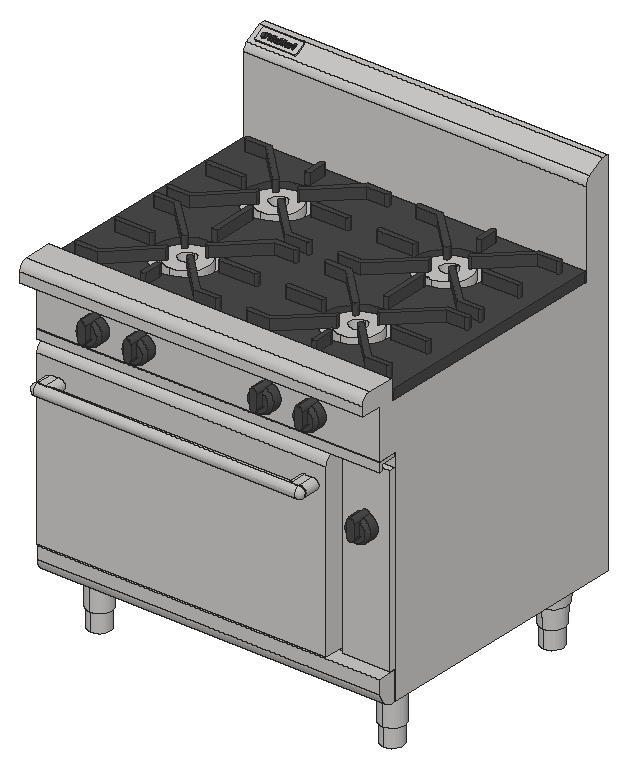
Revit family "QF_MOFFAT WALDORF_RN8910GC", category Specialty Equipment, Revit 2012
Parameters
  Width = 35.43307"
  Weight in Pounds = 215
  Watts = 130 W
  Volts = 240 V
  URL Cutsheet = "www.moffat.com"
  URL = "www.moffat.com"
  Type Mark [instance] = ""
  Status [instance] = ""
  Specification by User [instance] = ""
  Specification by Manufacturer = ""
  Show Logo [instance] = yes
  Show Clearance [instance] = yes
  Serial Number = ""
  Seismic Rating = ""
  SMACNA No = ""
  Revision Code [instance] = ""
  Plumbing Remarks = ""
  Plumbing Connection Type [instance] = ""
  Phase = 1
  Omniclass Number and Title = ""
  Number of Poles [instance] = 1
  NAFEM Spec ID Number = ""
  Model = "RN8910GC"
  Min Ckt Ampacity = 0 A
  Mechanical Remarks = ""
  Mechanical Connection Type [instance] = ""
  Max Overcurrent Protection = 0 A
  Masterspec = ""
  Manufacturer = "MOFFAT WALDORF"
  Item Number [instance] = ""
  Installed By [instance] = ""
  Identify Quantity as Lot [instance] = yes
  Height = 44.48819"
  HP = ""
  Gas Size = 3/4"
  Gas RI Height [instance] = 0"
  Gas KW [instance] = 40
  Gas Input [instance] = 134590.0 Btu/h
  Gas Connection Height = 0"
  Furnished By [instance] = ""
  Foodservice Equipment Identifier [instance] = yes
  FL Amps = 0.06 A
  Electrical Remarks [instance] = ""
  Electric Connection Type [instance] = ""
  Elec Conn RI Height [instance] = 0"
  Elec Conn Connection Height [instance] = 0"
  Description = "RANGE GAS WITH CONVECTION OVEN"
  Depth = 31.69291"
  Cycle = 50 Hz
  Conn Plug = ""
  Conn Conduit = yes
  Cold Water Temperature Recommended = -459.67 °F
  Cold Water Size = 1/2"
  Cold Water RI Height [instance] = 0"
  Cold Water Minimum Pressure = 0.00 psi
  Cold Water Maximum Pressure = 0.00 psi
  Cold Water Flow = 0 GPM
  Cold Water Consumption = ""
  Cold Water Connection Height = 0"
  CSI MasterFormat = ""
  CSI Master Format = ""
  Body Finish = QF_Finishes_Stainless Steel
  Apparent Power = 0 VA
Reference planes (in)
  plane 1 "BACK": y = 0
  plane 2: z = 0
  plane 3 "LEFT": x = 0
  plane 4 "RIGHT": x = 35.43307
  plane 5 "FRONT": y = -31.69291
  plane 6 "TOP": z = 44.48819
  plane 7 "Center Y": x = 17.71654
  plane 8 "Center X": y = -15.84646
  plane 9: x = 11.02362
  plane 10: y = -22.60914
  plane 11: x = 2.3622
  plane 12: y = -12.00678
  plane 13: y = -14.36899
  plane 14: x = 2.91339
  plane 15: y = -31.69291
  plane 16: x = 32.85433
  plane 17: y = -1.25984
  plane 18: z = 25.7874
  plane 19: x = 2.59055
Forms (in)
  Extrusion 1, solid, material "QF_Finishes_Stainless Steel" <- "Body Finish"
    sketch origin (0, 0, 0) x (0, 1, 0) y (0, 0, 1)
      loop
        line (0, 5.90551) -> (0, 44.48819) -> (-0.64961, 44.48819) -> (-2.31138, 43.52877)
        arc (-2.31138, 43.52877) -> (-2.63679, 43.20335) -> (-2.75591, 42.75882) r 0.88906
        line (-2.75591, 42.75882) -> (-2.75591, 33.92913) -> (-27.91339, 33.92913) -> (-27.91339, 36.02362) -> (-30.74803, 36.02362)
        arc (-30.74803, 36.02362) -> (-31.41616, 35.74687) -> (-31.69291, 35.07874) r 0.94488
        line (-31.69291, 35.07874) -> (-31.69291, 34.09449) -> (-29.48819, 34.09449) -> (-29.48819, 28.98499) -> (-27.43033, 28.98499) -> (-27.43033, 5.90551) -> (0, 5.90551)
      loop
        line (-27.59568, 5.90832) -> (-27.59568, 8.75984) -> (-29.39883, 8.75984) -> (-29.39883, 7.40157)
        arc (-29.39883, 7.40157) -> (-28.79202, 6.29901) -> (-27.59568, 5.90832) r 1.71361
      loop
        line (-29.48819, 27.95276) -> (-29.14268, 27.95276) -> (-29.23674, 28.62202) -> (-27.59568, 28.62202) -> (-27.59568, 28.89776) -> (-29.48819, 28.89776) -> (-29.48819, 27.95276)
    from 0 to 35.43307
  Extrusion 2, solid, material "QF_Finishes_Stainless Steel"
    sketch origin (0, 0, 0) x (0, 1, 0) y (0, 0, 1)
      loop
        line (-27.51969, 27.55906) -> (-28.54331, 27.55906)
        arc (-28.54331, 27.55906) -> (-29.21144, 27.28231) -> (-29.48819, 26.61417) r 0.94488
        line (-29.48819, 26.61417) -> (-29.48819, 8.95669) -> (-27.51969, 8.95669) -> (-27.51969, 27.55906)
    from 0 to 29.92126
  Extrusion 3, solid, material "QF_Finishes_Stainless Steel"
    sketch origin (28.48425, 0, 0) x (0, 1, 0) y (0, 0, 1)
      loop
        line (-27.51969, 27.55906) -> (-28.11024, 27.55906) -> (-28.11024, 8.95669) -> (-27.51969, 8.95669) -> (-27.51969, 27.55906)
    from 2.02756 to 6.94882
  Revolve 4, solid, material "QF_Finishes_Stainless Steel" <- "Body Finish"
    sketch origin (32.85433, -6.49606, 0) x (0, 1, 0) y (0, 0, -1)
      loop
        line (1.30906, -1.9685) -> (1.23692, -4.03417) -> (1.03959, -4.03417) -> (0.87587, -5.90551) -> (2.55906, -5.90551) -> (2.55906, 0) -> (1.47638, 0) -> (1.47638, -1.9685) -> (1.30906, -1.9685)
      axis (2.55906, -5.90551) -> (2.55906, 0)
    angle from 0 to 360
  Revolve 5, solid, material "QF_Finishes_Stainless Steel" <- "Body Finish"
    sketch origin (32.85433, -27.40652, 0) x (0, 1, 0) y (0, 0, -1)
      loop
        line (1.55022, -5.90551) -> (2.80022, -5.90551) -> (2.80022, 0) -> (1.71754, 0) -> (1.71754, -1.9685) -> (1.55022, -1.9685) -> (1.55022, -5.90551)
      axis (2.80022, -5.90551) -> (2.80022, 0)
    angle from 0 to 360
  Revolve 6, solid, material "QF_Finishes_Stainless Steel" <- "Body Finish"
    sketch origin (2.57874, -6.49606, 0) x (0, 1, 0) y (0, 0, 1)
      loop
        line (1.23692, 4.03417) -> (1.30906, 1.9685) -> (1.47638, 1.9685) -> (1.47638, 0) -> (2.55906, 0) -> (2.55906, 5.90551) -> (0.87587, 5.90551) -> (1.03959, 4.03417) -> (1.23692, 4.03417)
      axis (2.55906, 5.90551) -> (2.55906, 0)
    angle from 0 to 360
  Revolve 7, solid, material "QF_Finishes_Stainless Steel" <- "Body Finish"
    sketch origin (2.57874, -27.40652, 0) x (0, 1, 0) y (0, 0, 1)
      loop
        line (1.55022, 5.90551) -> (1.55022, 1.9685) -> (1.71754, 1.9685) -> (1.71754, 0) -> (2.80022, 0) -> (2.80022, 5.90551) -> (1.55022, 5.90551)
      axis (2.80022, 5.90551) -> (2.80022, 0)
    angle from 0 to 360
  Extrusion 8, solid, material "QF_Finishes_Stainless Steel"
    sketch origin (-2.53937, 0, 12.79528) x (1, 0, 0) y (0, 1, 0)
      loop
        circle (32.85433, -1.25984) r 0.3937
    from 12.99213 to 14.76378
  Extrusion 9, solid, material "QF_Finishes_Black"
    sketch origin (0, -2.75591, 33.92913) x (0, -1, 0) y (1, 0, 0)
      loop
        arc (0.03937, 0.15748) -> (0.07396, 0.07396) -> (0.15748, 0.03937) r 0.11811
        line (0.15748, 0.03937) -> (24.84252, 0.03937)
        arc (24.84252, 0.03937) -> (24.92604, 0.07396) -> (24.96063, 0.15748) r 0.11811
        line (24.96063, 0.15748) -> (24.96063, 35.31496)
        arc (24.96063, 35.31496) -> (24.92604, 35.39848) -> (24.84252, 35.43307) r 0.11811
        line (24.84252, 35.43307) -> (0.15748, 35.43307)
        arc (0.15748, 35.43307) -> (0.07396, 35.39848) -> (0.03937, 35.31496) r 0.11811
        line (0.03937, 35.31496) -> (0.03937, 0.15748)
      loop
        circle (6.59449, 8.87349) r 3.34646
      loop
        circle (18.41606, 8.87349) r 3.34646
      loop
        circle (6.59449, 26.55958) r 3.34646
      loop
        circle (18.41606, 26.55958) r 3.34646
    from 0 to 0.98425
  Extrusion 10, solid, material "QF_Finishes_Black"
    sketch origin (0, -2.75591, 34.91339) x (0, -1, 0) y (1, 0, 0)
      loop
        spline (14.78748, 8.6063) -> (14.83843, 8.61488) -> (14.88591, 8.64006) -> (14.92668, 8.6801) -> (14.95796, 8.73228) -> (14.97763, 8.79305) -> (14.98433, 8.85827) -> (14.97763, 8.92348) -> (14.95796, 8.98425) -> (14.92668, 9.03644) -> (14.88591, 9.07648) -> (14.83843, 9.10165) -> (14.78748, 9.11024)
        line (14.78748, 9.11024) -> (10.21252, 9.11024)
        spline (10.21252, 9.11024) -> (10.16157, 9.10165) -> (10.11409, 9.07648) -> (10.07332, 9.03644) -> (10.04204, 8.98425) -> (10.02237, 8.92348) -> (10.01567, 8.85827) -> (10.02237, 8.79305) -> (10.04204, 8.73228) -> (10.07332, 8.6801) -> (10.11409, 8.64006) -> (10.16157, 8.61488) -> (10.21252, 8.6063)
        line (10.21252, 8.6063) -> (14.78748, 8.6063)
      loop
        line (11.90546, 13.8129) -> (11.90546, 16.06759)
        arc (11.90546, 16.06759) -> (11.65349, 16.31956) -> (11.40152, 16.06759) r 0.25197
        line (11.40152, 16.06759) -> (11.40152, 14.02164) -> (7.65448, 10.27459)
        spline (7.65448, 10.27459) -> (7.62452, 10.2325) -> (7.60875, 10.18113) -> (7.60824, 10.12399) -> (7.62302, 10.06496) -> (7.65208, 10.00809) -> (7.69345, 9.95723) -> (7.74431, 9.91586) -> (7.80119, 9.8868) -> (7.86021, 9.87202) -> (7.91735, 9.87253) -> (7.96872, 9.8883) -> (8.01082, 9.91826)
        line (8.01082, 9.91826) -> (11.90546, 13.8129)
      loop
        spline (6.34252, 12.4763) -> (6.35111, 12.42535) -> (6.37628, 12.37787) -> (6.41632, 12.3371) -> (6.4685, 12.30582) -> (6.52927, 12.28615) -> (6.59449, 12.27945) -> (6.6597, 12.28615) -> (6.72047, 12.30582) -> (6.77266, 12.3371) -> (6.8127, 12.37787) -> (6.83787, 12.42535) -> (6.84646, 12.4763)
        line (6.84646, 12.4763) -> (6.84646, 16.06701)
        spline (6.84646, 16.06701) -> (6.83787, 16.11796) -> (6.8127, 16.16544) -> (6.77266, 16.2062) -> (6.72047, 16.23749) -> (6.6597, 16.25715) -> (6.59449, 16.26386) -> (6.52927, 16.25715) -> (6.4685, 16.23749) -> (6.41632, 16.2062) -> (6.37628, 16.16544) -> (6.35111, 16.11796) -> (6.34252, 16.06701)
        line (6.34252, 16.06701) -> (6.34252, 12.4763)
      loop
        line (6.34252, 5.24024) -> (6.34252, 1.64952)
        spline (6.34252, 1.64952) -> (6.35111, 1.59858) -> (6.37628, 1.5511) -> (6.41632, 1.51033) -> (6.4685, 1.47905) -> (6.52927, 1.45938) -> (6.59449, 1.45267) -> (6.6597, 1.45938) -> (6.72047, 1.47905) -> (6.77266, 1.51033) -> (6.8127, 1.5511) -> (6.83787, 1.59858) -> (6.84646, 1.64952)
        line (6.84646, 1.64952) -> (6.84646, 5.24024)
        spline (6.84646, 5.24024) -> (6.83787, 5.29119) -> (6.8127, 5.33866) -> (6.77266, 5.37943) -> (6.72047, 5.41072) -> (6.6597, 5.43038) -> (6.59449, 5.43709) -> (6.52927, 5.43038) -> (6.4685, 5.41072) -> (6.41632, 5.37943) -> (6.37628, 5.33866) -> (6.35111, 5.29119) -> (6.34252, 5.24024)
      loop
        line (11.90546, 3.90364) -> (8.01082, 7.79828)
        spline (8.01082, 7.79828) -> (7.96872, 7.82823) -> (7.91735, 7.844) -> (7.86021, 7.84452) -> (7.80119, 7.82974) -> (7.74431, 7.80067) -> (7.69345, 7.7593) -> (7.65208, 7.70845) -> (7.62302, 7.65157) -> (7.60824, 7.59255) -> (7.60875, 7.53541) -> (7.62452, 7.48404) -> (7.65448, 7.44194)
        line (7.65448, 7.44194) -> (11.40152, 3.6949) -> (11.40152, 1.64895)
        arc (11.40152, 1.64895) -> (11.65349, 1.39698) -> (11.90546, 1.64895) r 0.25197
        line (11.90546, 1.64895) -> (11.90546, 3.90364)
      loop
        line (1.28352, 13.8129) -> (5.17816, 9.91826)
        spline (5.17816, 9.91826) -> (5.22026, 9.8883) -> (5.27163, 9.87253) -> (5.32877, 9.87202) -> (5.38779, 9.8868) -> (5.44467, 9.91586) -> (5.49552, 9.95723) -> (5.53689, 10.00809) -> (5.56596, 10.06496) -> (5.58074, 10.12399) -> (5.58023, 10.18113) -> (5.56445, 10.2325) -> (5.5345, 10.27459)
        line (5.5345, 10.27459) -> (1.78746, 14.02164) -> (1.78746, 16.06759)
        arc (1.78746, 16.06759) -> (1.53549, 16.31956) -> (1.28352, 16.06759) r 0.25197
        line (1.28352, 16.06759) -> (1.28352, 13.8129)
      loop
        line (1.28352, 3.90364) -> (1.28352, 1.64895)
        arc (1.28352, 1.64895) -> (1.53549, 1.39698) -> (1.78746, 1.64895) r 0.25197
        line (1.78746, 1.64895) -> (1.78746, 3.6949) -> (5.5345, 7.44194)
        spline (5.5345, 7.44194) -> (5.56445, 7.48404) -> (5.58023, 7.53541) -> (5.58074, 7.59255) -> (5.56596, 7.65157) -> (5.53689, 7.70845) -> (5.49552, 7.7593) -> (5.44467, 7.80067) -> (5.38779, 7.82974) -> (5.32877, 7.84452) -> (5.27163, 7.844) -> (5.22026, 7.82823) -> (5.17816, 7.79828)
        line (5.17816, 7.79828) -> (1.28352, 3.90364)
      loop
        spline (2.77961, 8.6063) -> (2.83056, 8.61488) -> (2.87803, 8.64006) -> (2.9188, 8.6801) -> (2.95009, 8.73228) -> (2.96975, 8.79305) -> (2.97646, 8.85827) -> (2.96975, 8.92348) -> (2.95009, 8.98425) -> (2.9188, 9.03644) -> (2.87803, 9.07648) -> (2.83056, 9.10165) -> (2.77961, 9.11024)
        line (2.77961, 9.11024) -> (0.96055, 9.11024)
        spline (0.96055, 9.11024) -> (0.9096, 9.10165) -> (0.86212, 9.07648) -> (0.82135, 9.03644) -> (0.79007, 8.98425) -> (0.77041, 8.92348) -> (0.7637, 8.85827) -> (0.77041, 8.79305) -> (0.79007, 8.73228) -> (0.82135, 8.6801) -> (0.86212, 8.64006) -> (0.9096, 8.61488) -> (0.96055, 8.6063)
        line (0.96055, 8.6063) -> (2.77961, 8.6063)
      loop
        line (13.09454, 13.8129) -> (16.98918, 9.91826)
        spline (16.98918, 9.91826) -> (17.03128, 9.8883) -> (17.08265, 9.87253) -> (17.13979, 9.87202) -> (17.19881, 9.8868) -> (17.25569, 9.91586) -> (17.30655, 9.95723) -> (17.34792, 10.00809) -> (17.37698, 10.06496) -> (17.39176, 10.12399) -> (17.39125, 10.18113) -> (17.37548, 10.2325) -> (17.34552, 10.27459)
        line (17.34552, 10.27459) -> (13.59848, 14.02164) -> (13.59848, 16.06759)
        arc (13.59848, 16.06759) -> (13.34651, 16.31956) -> (13.09454, 16.06759) r 0.25197
        line (13.09454, 16.06759) -> (13.09454, 13.8129)
      loop
        line (18.65748, 12.4763) -> (18.65748, 16.06701)
        spline (18.65748, 16.06701) -> (18.64889, 16.11796) -> (18.62372, 16.16544) -> (18.58368, 16.2062) -> (18.5315, 16.23749) -> (18.47073, 16.25715) -> (18.40551, 16.26386) -> (18.3403, 16.25715) -> (18.27953, 16.23749) -> (18.22734, 16.2062) -> (18.1873, 16.16544) -> (18.16213, 16.11796) -> (18.15354, 16.06701)
        line (18.15354, 16.06701) -> (18.15354, 12.4763)
        spline (18.15354, 12.4763) -> (18.16213, 12.42535) -> (18.1873, 12.37787) -> (18.22734, 12.3371) -> (18.27953, 12.30582) -> (18.3403, 12.28615) -> (18.40551, 12.27945) -> (18.47073, 12.28615) -> (18.5315, 12.30582) -> (18.58368, 12.3371) -> (18.62372, 12.37787) -> (18.64889, 12.42535) -> (18.65748, 12.4763)
      loop
        spline (18.65748, 5.24024) -> (18.64889, 5.29119) -> (18.62372, 5.33866) -> (18.58368, 5.37943) -> (18.5315, 5.41072) -> (18.47073, 5.43038) -> (18.40551, 5.43709) -> (18.3403, 5.43038) -> (18.27953, 5.41072) -> (18.22734, 5.37943) -> (18.1873, 5.33866) -> (18.16213, 5.29119) -> (18.15354, 5.24024)
        line (18.15354, 5.24024) -> (18.15354, 1.64952)
        spline (18.15354, 1.64952) -> (18.16213, 1.59858) -> (18.1873, 1.5511) -> (18.22734, 1.51033) -> (18.27953, 1.47905) -> (18.3403, 1.45938) -> (18.40551, 1.45267) -> (18.47073, 1.45938) -> (18.5315, 1.47905) -> (18.58368, 1.51033) -> (18.62372, 1.5511) -> (18.64889, 1.59858) -> (18.65748, 1.64952)
        line (18.65748, 1.64952) -> (18.65748, 5.24024)
      loop
        line (13.09454, 3.90364) -> (13.09454, 1.64895)
        arc (13.09454, 1.64895) -> (13.34651, 1.39698) -> (13.59848, 1.64895) r 0.25197
        line (13.59848, 1.64895) -> (13.59848, 3.6949) -> (17.34552, 7.44194)
        spline (17.34552, 7.44194) -> (17.37548, 7.48404) -> (17.39125, 7.53541) -> (17.39176, 7.59255) -> (17.37698, 7.65157) -> (17.34792, 7.70845) -> (17.30655, 7.7593) -> (17.25569, 7.80067) -> (17.19881, 7.82974) -> (17.13979, 7.84452) -> (17.08265, 7.844) -> (17.03128, 7.82823) -> (16.98918, 7.79828)
        line (16.98918, 7.79828) -> (13.09454, 3.90364)
      loop
        line (23.71648, 13.8129) -> (23.71648, 16.06759)
        arc (23.71648, 16.06759) -> (23.46451, 16.31956) -> (23.21254, 16.06759) r 0.25197
        line (23.21254, 16.06759) -> (23.21254, 14.02164) -> (19.4655, 10.27459)
        spline (19.4655, 10.27459) -> (19.43555, 10.2325) -> (19.41977, 10.18113) -> (19.41926, 10.12399) -> (19.43404, 10.06496) -> (19.46311, 10.00809) -> (19.50448, 9.95723) -> (19.55533, 9.91586) -> (19.61221, 9.8868) -> (19.67123, 9.87202) -> (19.72837, 9.87253) -> (19.77974, 9.8883) -> (19.82184, 9.91826)
        line (19.82184, 9.91826) -> (23.71648, 13.8129)
      loop
        line (23.71648, 3.90364) -> (19.82184, 7.79828)
        spline (19.82184, 7.79828) -> (19.77974, 7.82823) -> (19.72837, 7.844) -> (19.67123, 7.84452) -> (19.61221, 7.82974) -> (19.55533, 7.80067) -> (19.50448, 7.7593) -> (19.46311, 7.70845) -> (19.43404, 7.65157) -> (19.41926, 7.59255) -> (19.41977, 7.53541) -> (19.43555, 7.48404) -> (19.4655, 7.44194)
        line (19.4655, 7.44194) -> (23.21254, 3.6949) -> (23.21254, 1.64895)
        arc (23.21254, 1.64895) -> (23.46451, 1.39698) -> (23.71648, 1.64895) r 0.25197
        line (23.71648, 1.64895) -> (23.71648, 3.90364)
      loop
        line (22.22039, 8.6063) -> (24.03945, 8.6063)
        spline (24.03945, 8.6063) -> (24.0904, 8.61488) -> (24.13788, 8.64006) -> (24.17865, 8.6801) -> (24.20993, 8.73228) -> (24.22959, 8.79305) -> (24.2363, 8.85827) -> (24.22959, 8.92348) -> (24.20993, 8.98425) -> (24.17865, 9.03644) -> (24.13788, 9.07648) -> (24.0904, 9.10165) -> (24.03945, 9.11024)
        line (24.03945, 9.11024) -> (22.22039, 9.11024)
        spline (22.22039, 9.11024) -> (22.16944, 9.10165) -> (22.12197, 9.07648) -> (22.0812, 9.03644) -> (22.04991, 8.98425) -> (22.03025, 8.92348) -> (22.02354, 8.85827) -> (22.03025, 8.79305) -> (22.04991, 8.73228) -> (22.0812, 8.6801) -> (22.12197, 8.64006) -> (22.16944, 8.61488) -> (22.22039, 8.6063)
      loop
        line (14.78748, 26.82677) -> (10.21252, 26.82677)
        spline (10.21252, 26.82677) -> (10.16157, 26.81819) -> (10.11409, 26.79301) -> (10.07332, 26.75297) -> (10.04204, 26.70079) -> (10.02237, 26.64002) -> (10.01567, 26.5748) -> (10.02237, 26.50959) -> (10.04204, 26.44882) -> (10.07332, 26.39663) -> (10.11409, 26.35659) -> (10.16157, 26.33142) -> (10.21252, 26.32283)
        line (10.21252, 26.32283) -> (14.78748, 26.32283)
        spline (14.78748, 26.32283) -> (14.83843, 26.33142) -> (14.88591, 26.35659) -> (14.92668, 26.39663) -> (14.95796, 26.44882) -> (14.97763, 26.50959) -> (14.98433, 26.5748) -> (14.97763, 26.64002) -> (14.95796, 26.70079) -> (14.92668, 26.75297) -> (14.88591, 26.79301) -> (14.83843, 26.81819) -> (14.78748, 26.82677)
      loop
        line (11.90546, 21.62017) -> (8.01082, 25.51481)
        spline (8.01082, 25.51481) -> (7.96872, 25.54477) -> (7.91735, 25.56054) -> (7.86021, 25.56105) -> (7.80119, 25.54627) -> (7.74431, 25.51721) -> (7.69345, 25.47584) -> (7.65208, 25.42498) -> (7.62302, 25.36811) -> (7.60824, 25.30909) -> (7.60875, 25.25194) -> (7.62452, 25.20057) -> (7.65448, 25.15848)
        line (7.65448, 25.15848) -> (11.40152, 21.41144) -> (11.40152, 19.36548)
        arc (11.40152, 19.36548) -> (11.65349, 19.11351) -> (11.90546, 19.36548) r 0.25197
        line (11.90546, 19.36548) -> (11.90546, 21.62017)
      loop
        line (6.34252, 22.95677) -> (6.34252, 19.36606)
        spline (6.34252, 19.36606) -> (6.35111, 19.31511) -> (6.37628, 19.26764) -> (6.41632, 19.22687) -> (6.4685, 19.19558) -> (6.52927, 19.17592) -> (6.59449, 19.16921) -> (6.6597, 19.17592) -> (6.72047, 19.19558) -> (6.77266, 19.22687) -> (6.8127, 19.26764) -> (6.83787, 19.31511) -> (6.84646, 19.36606)
        line (6.84646, 19.36606) -> (6.84646, 22.95677)
        spline (6.84646, 22.95677) -> (6.83787, 23.00772) -> (6.8127, 23.0552) -> (6.77266, 23.09597) -> (6.72047, 23.12725) -> (6.6597, 23.14692) -> (6.59449, 23.15362) -> (6.52927, 23.14692) -> (6.4685, 23.12725) -> (6.41632, 23.09597) -> (6.37628, 23.0552) -> (6.35111, 23.00772) -> (6.34252, 22.95677)
      loop
        spline (6.34252, 30.19283) -> (6.35111, 30.14188) -> (6.37628, 30.09441) -> (6.41632, 30.05364) -> (6.4685, 30.02235) -> (6.52927, 30.00269) -> (6.59449, 29.99598) -> (6.6597, 30.00269) -> (6.72047, 30.02235) -> (6.77266, 30.05364) -> (6.8127, 30.09441) -> (6.83787, 30.14188) -> (6.84646, 30.19283)
        line (6.84646, 30.19283) -> (6.84646, 33.78355)
        spline (6.84646, 33.78355) -> (6.83787, 33.83449) -> (6.8127, 33.88197) -> (6.77266, 33.92274) -> (6.72047, 33.95402) -> (6.6597, 33.97369) -> (6.59449, 33.9804) -> (6.52927, 33.97369) -> (6.4685, 33.95402) -> (6.41632, 33.92274) -> (6.37628, 33.88197) -> (6.35111, 33.83449) -> (6.34252, 33.78355)
        line (6.34252, 33.78355) -> (6.34252, 30.19283)
      loop
        line (11.90546, 31.52943) -> (11.90546, 33.78412)
        arc (11.90546, 33.78412) -> (11.65349, 34.03609) -> (11.40152, 33.78412) r 0.25197
        line (11.40152, 33.78412) -> (11.40152, 31.73817) -> (7.65448, 27.99113)
        spline (7.65448, 27.99113) -> (7.62452, 27.94903) -> (7.60875, 27.89766) -> (7.60824, 27.84052) -> (7.62302, 27.7815) -> (7.65208, 27.72462) -> (7.69345, 27.67377) -> (7.74431, 27.6324) -> (7.80119, 27.60333) -> (7.86021, 27.58855) -> (7.91735, 27.58907) -> (7.96872, 27.60484) -> (8.01082, 27.63479)
        line (8.01082, 27.63479) -> (11.90546, 31.52943)
      loop
        line (1.28352, 21.62017) -> (1.28352, 19.36548)
        arc (1.28352, 19.36548) -> (1.53549, 19.11351) -> (1.78746, 19.36548) r 0.25197
        line (1.78746, 19.36548) -> (1.78746, 21.41144) -> (5.5345, 25.15848)
        spline (5.5345, 25.15848) -> (5.56445, 25.20057) -> (5.58023, 25.25194) -> (5.58074, 25.30909) -> (5.56596, 25.36811) -> (5.53689, 25.42498) -> (5.49552, 25.47584) -> (5.44467, 25.51721) -> (5.38779, 25.54627) -> (5.32877, 25.56105) -> (5.27163, 25.56054) -> (5.22026, 25.54477) -> (5.17816, 25.51481)
        line (5.17816, 25.51481) -> (1.28352, 21.62017)
      loop
        line (1.28352, 31.52943) -> (5.17816, 27.63479)
        spline (5.17816, 27.63479) -> (5.22026, 27.60484) -> (5.27163, 27.58907) -> (5.32877, 27.58855) -> (5.38779, 27.60333) -> (5.44467, 27.6324) -> (5.49552, 27.67377) -> (5.53689, 27.72462) -> (5.56596, 27.7815) -> (5.58074, 27.84052) -> (5.58023, 27.89766) -> (5.56445, 27.94903) -> (5.5345, 27.99113)
        line (5.5345, 27.99113) -> (1.78746, 31.73817) -> (1.78746, 33.78412)
        arc (1.78746, 33.78412) -> (1.53549, 34.03609) -> (1.28352, 33.78412) r 0.25197
        line (1.28352, 33.78412) -> (1.28352, 31.52943)
      loop
        line (2.77961, 26.82677) -> (0.96055, 26.82677)
        spline (0.96055, 26.82677) -> (0.9096, 26.81819) -> (0.86212, 26.79301) -> (0.82135, 26.75297) -> (0.79007, 26.70079) -> (0.77041, 26.64002) -> (0.7637, 26.5748) -> (0.77041, 26.50959) -> (0.79007, 26.44882) -> (0.82135, 26.39663) -> (0.86212, 26.35659) -> (0.9096, 26.33142) -> (0.96055, 26.32283)
        line (0.96055, 26.32283) -> (2.77961, 26.32283)
        spline (2.77961, 26.32283) -> (2.83056, 26.33142) -> (2.87803, 26.35659) -> (2.9188, 26.39663) -> (2.95009, 26.44882) -> (2.96975, 26.50959) -> (2.97646, 26.5748) -> (2.96975, 26.64002) -> (2.95009, 26.70079) -> (2.9188, 26.75297) -> (2.87803, 26.79301) -> (2.83056, 26.81819) -> (2.77961, 26.82677)
      loop
        line (13.09454, 21.62017) -> (13.09454, 19.36548)
        arc (13.09454, 19.36548) -> (13.34651, 19.11351) -> (13.59848, 19.36548) r 0.25197
        line (13.59848, 19.36548) -> (13.59848, 21.41144) -> (17.34552, 25.15848)
        spline (17.34552, 25.15848) -> (17.37548, 25.20057) -> (17.39125, 25.25194) -> (17.39176, 25.30909) -> (17.37698, 25.36811) -> (17.34792, 25.42498) -> (17.30655, 25.47584) -> (17.25569, 25.51721) -> (17.19881, 25.54627) -> (17.13979, 25.56105) -> (17.08265, 25.56054) -> (17.03128, 25.54477) -> (16.98918, 25.51481)
        line (16.98918, 25.51481) -> (13.09454, 21.62017)
      loop
        spline (18.65748, 22.95677) -> (18.64889, 23.00772) -> (18.62372, 23.0552) -> (18.58368, 23.09597) -> (18.5315, 23.12725) -> (18.47073, 23.14692) -> (18.40551, 23.15362) -> (18.3403, 23.14692) -> (18.27953, 23.12725) -> (18.22734, 23.09597) -> (18.1873, 23.0552) -> (18.16213, 23.00772) -> (18.15354, 22.95677)
        line (18.15354, 22.95677) -> (18.15354, 19.36606)
        spline (18.15354, 19.36606) -> (18.16213, 19.31511) -> (18.1873, 19.26764) -> (18.22734, 19.22687) -> (18.27953, 19.19558) -> (18.3403, 19.17592) -> (18.40551, 19.16921) -> (18.47073, 19.17592) -> (18.5315, 19.19558) -> (18.58368, 19.22687) -> (18.62372, 19.26764) -> (18.64889, 19.31511) -> (18.65748, 19.36606)
        line (18.65748, 19.36606) -> (18.65748, 22.95677)
      loop
        line (18.65748, 30.19283) -> (18.65748, 33.78355)
        spline (18.65748, 33.78355) -> (18.64889, 33.83449) -> (18.62372, 33.88197) -> (18.58368, 33.92274) -> (18.5315, 33.95402) -> (18.47073, 33.97369) -> (18.40551, 33.9804) -> (18.3403, 33.97369) -> (18.27953, 33.95402) -> (18.22734, 33.92274) -> (18.1873, 33.88197) -> (18.16213, 33.83449) -> (18.15354, 33.78355)
        line (18.15354, 33.78355) -> (18.15354, 30.19283)
        spline (18.15354, 30.19283) -> (18.16213, 30.14188) -> (18.1873, 30.09441) -> (18.22734, 30.05364) -> (18.27953, 30.02235) -> (18.3403, 30.00269) -> (18.40551, 29.99598) -> (18.47073, 30.00269) -> (18.5315, 30.02235) -> (18.58368, 30.05364) -> (18.62372, 30.09441) -> (18.64889, 30.14188) -> (18.65748, 30.19283)
      loop
        line (13.09454, 31.52943) -> (16.98918, 27.63479)
        spline (16.98918, 27.63479) -> (17.03128, 27.60484) -> (17.08265, 27.58907) -> (17.13979, 27.58855) -> (17.19881, 27.60333) -> (17.25569, 27.6324) -> (17.30655, 27.67377) -> (17.34792, 27.72462) -> (17.37698, 27.7815) -> (17.39176, 27.84052) -> (17.39125, 27.89766) -> (17.37548, 27.94903) -> (17.34552, 27.99113)
        line (17.34552, 27.99113) -> (13.59848, 31.73817) -> (13.59848, 33.78412)
        arc (13.59848, 33.78412) -> (13.34651, 34.03609) -> (13.09454, 33.78412) r 0.25197
        line (13.09454, 33.78412) -> (13.09454, 31.52943)
      loop
        line (23.71648, 21.62017) -> (19.82184, 25.51481)
        spline (19.82184, 25.51481) -> (19.77974, 25.54477) -> (19.72837, 25.56054) -> (19.67123, 25.56105) -> (19.61221, 25.54627) -> (19.55533, 25.51721) -> (19.50448, 25.47584) -> (19.46311, 25.42498) -> (19.43404, 25.36811) -> (19.41926, 25.30909) -> (19.41977, 25.25194) -> (19.43555, 25.20057) -> (19.4655, 25.15848)
        line (19.4655, 25.15848) -> (23.21254, 21.41144) -> (23.21254, 19.36548)
        arc (23.21254, 19.36548) -> (23.46451, 19.11351) -> (23.71648, 19.36548) r 0.25197
        line (23.71648, 19.36548) -> (23.71648, 21.62017)
      loop
        line (23.71648, 31.52943) -> (23.71648, 33.78412)
        arc (23.71648, 33.78412) -> (23.46451, 34.03609) -> (23.21254, 33.78412) r 0.25197
        line (23.21254, 33.78412) -> (23.21254, 31.73817) -> (19.4655, 27.99113)
        spline (19.4655, 27.99113) -> (19.43555, 27.94903) -> (19.41977, 27.89766) -> (19.41926, 27.84052) -> (19.43404, 27.7815) -> (19.46311, 27.72462) -> (19.50448, 27.67377) -> (19.55533, 27.6324) -> (19.61221, 27.60333) -> (19.67123, 27.58855) -> (19.72837, 27.58907) -> (19.77974, 27.60484) -> (19.82184, 27.63479)
        line (19.82184, 27.63479) -> (23.71648, 31.52943)
      loop
        spline (22.22039, 26.82677) -> (22.16944, 26.81819) -> (22.12197, 26.79301) -> (22.0812, 26.75297) -> (22.04991, 26.70079) -> (22.03025, 26.64002) -> (22.02354, 26.5748) -> (22.03025, 26.50959) -> (22.04991, 26.44882) -> (22.0812, 26.39663) -> (22.12197, 26.35659) -> (22.16944, 26.33142) -> (22.22039, 26.32283)
        line (22.22039, 26.32283) -> (24.03945, 26.32283)
        spline (24.03945, 26.32283) -> (24.0904, 26.33142) -> (24.13788, 26.35659) -> (24.17865, 26.39663) -> (24.20993, 26.44882) -> (24.22959, 26.50959) -> (24.2363, 26.5748) -> (24.22959, 26.64002) -> (24.20993, 26.70079) -> (24.17865, 26.75297) -> (24.13788, 26.79301) -> (24.0904, 26.81819) -> (24.03945, 26.82677)
        line (24.03945, 26.82677) -> (22.22039, 26.82677)
    from 1.11024 to 0
  Extrusion 11, solid, material "QF_Finishes_Stainless Steel"
    sketch origin (0, -29.05017, 5.90551) x (1, 0, 0) y (0, -1, 0)
      loop
        circle (32.53937, -9.35441) r 0.3937
    from 0 to 0.15748
  Revolve 12, solid, material "QF_Finishes_Black"
    sketch origin (32.94688, 3.20372, -9.6998) x (0, 1, 0) y (0, 0, 1)
      loop
        line (-32.31789, 32.65748) -> (-32.75096, 32.42721) -> (-32.75096, 31.37795) -> (-31.01868, 31.37795) -> (-31.01868, 31.5748) -> (-31.41238, 31.5748) -> (-31.41238, 32.65748) -> (-32.31789, 32.65748)
      axis (-32.75096, 31.37795) -> (-31.01868, 31.37795)
    angle from 0 to 360
  Extrusion 13, solid, material "QF_Finishes_Black"
    sketch origin (27.12771, 1.67323, -9.6998) x (1, 0, 0) y (0, 0, 1)
      loop
        line (6.23228, 31.06299) -> (6.23228, 32.44095)
        arc (6.23228, 32.44095) -> (5.83858, 32.83465) -> (5.44488, 32.44095) r 0.3937
        line (5.44488, 32.44095) -> (5.44488, 31.06299)
        arc (5.44488, 31.06299) -> (5.83858, 30.66929) -> (6.23228, 31.06299) r 0.3937
    from 29.88189 to 31.81102
  Extrusion 14, solid, material "QF_Door-Drawer Clearances", visible <- "Show Clearance", detail levels coarse
    sketch origin (0, 0, 0) x (0, -1, 0) y (0, 0, 1)
      loop
        line (29.48819, 27.45461) -> (29.48819, 8.95669) -> (47.9861, 8.95669)
        arc (47.9861, 8.95669) -> (42.56819, 22.03669) -> (29.48819, 27.45461) r 18.49792
    from 0 to -29.92126
  Extrusion 15, void
    sketch origin (0, 0, 8.75984) x (1, 0, 0) y (0, 1, 0)
      loop
        line (32.44094, -3.4252) -> (32.44094, 0) -> (27.32283, 0) -> (27.32283, -1.53543) -> (29.29134, -3.4252) -> (32.44094, -3.4252)
    from 0 to 18.74016
  Extrusion 16, solid, material "QF_Finishes_Stainless Steel"
    sketch origin (0, -2.75591, 33.92913) x (0, -1, 0) y (1, 0, 0)
      loop
        circle (18.40551, 8.87349) r 2.24409
      loop
        circle (6.59449, 8.87349) r 2.24409
      loop
        circle (18.40551, 26.55958) r 2.24409
      loop
        circle (6.59449, 26.55958) r 2.24409
      loop
        circle (6.59449, 8.87349) r 0.86614
      loop
        circle (6.59449, 26.55958) r 0.86614
      loop
        circle (18.40551, 26.55958) r 0.86614
      loop
        circle (18.40551, 8.87349) r 0.86614
    from 0 to 0.98425
  Extrusion 17, solid, material "QF_Finishes_Stainless Steel"
    sketch origin (0, -29.48819, 8.95669) x (0, 0, 1) y (-1, 0, 0)
      loop
        line (14.98524, -1.50577) -> (14.98524, -2.30426)
        arc (14.98524, -2.30426) -> (15.57579, -2.89481) -> (16.16634, -2.30426) r 0.59055
        line (16.16634, -2.30426) -> (16.16634, -1.50577)
        arc (16.16634, -1.50577) -> (15.57579, -0.91521) -> (14.98524, -1.50577) r 0.59055
      loop
        arc (14.98524, -28.51532) -> (15.57579, -29.10587) -> (16.16634, -28.51532) r 0.59055
        line (16.16634, -28.51532) -> (16.16634, -27.71683)
        arc (16.16634, -27.71683) -> (15.57579, -27.12628) -> (14.98524, -27.71683) r 0.59055
        line (14.98524, -27.71683) -> (14.98524, -28.51532)
    from 0 to 1.73228
  Revolve 18, solid, material "QF_Finishes_Stainless Steel"
    sketch origin (0, -31.22047, 0) x (1, 0, 0) y (0, 0, 1)
      loop
        arc (29.10587, 24.53248) -> (28.93291, 24.95006) -> (28.51532, 25.12303) r 0.59055
        line (28.51532, 25.12303) -> (1.50577, 25.12303)
        arc (1.50577, 25.12303) -> (1.08818, 24.95006) -> (0.91521, 24.53248) r 0.59055
        line (0.91521, 24.53248) -> (29.10587, 24.53248)
      axis (29.10587, 24.53248) -> (0.91521, 24.53248)
    angle from 0 to 360
  Revolve 19, solid, material "QF_Finishes_Black"
    sketch origin (28.91144, 1.53049, -0.00466) x (0, 1, 0) y (0, 0, 1)
      loop
        line (-32.31789, 32.65748) -> (-32.75096, 32.42721) -> (-32.75096, 31.37795) -> (-31.01868, 31.37795) -> (-31.01868, 31.5748) -> (-31.41238, 31.5748) -> (-31.41238, 32.65748) -> (-32.31789, 32.65748)
      axis (-32.75096, 31.37795) -> (-31.01868, 31.37795)
    angle from 0 to 360
  Revolve 20, solid, material "QF_Finishes_Black"
    sketch origin (6.49702, 1.53049, -0.00466) x (0, 1, 0) y (0, 0, -1)
      loop
        line (-32.31789, -32.65748) -> (-31.41238, -32.65748) -> (-31.41238, -31.5748) -> (-31.01868, -31.5748) -> (-31.01868, -31.37795) -> (-32.75096, -31.37795) -> (-32.75096, -32.42721) -> (-32.31789, -32.65748)
      axis (-32.75096, -31.37795) -> (-31.01868, -31.37795)
    angle from 0 to 360
  Revolve 21, solid, material "QF_Finishes_Black"
    sketch origin (11.24508, 1.53049, -0.00466) x (0, 1, 0) y (0, 0, -1)
      loop
        line (-32.31789, -32.65748) -> (-31.41238, -32.65748) -> (-31.41238, -31.5748) -> (-31.01868, -31.5748) -> (-31.01868, -31.37795) -> (-32.75096, -31.37795) -> (-32.75096, -32.42721) -> (-32.31789, -32.65748)
      axis (-32.75096, -31.37795) -> (-31.01868, -31.37795)
    angle from 0 to 360
  Revolve 22, solid, material "QF_Finishes_Black"
    sketch origin (24.2372, 1.53049, -0.00466) x (0, 1, 0) y (0, 0, -1)
      loop
        line (-32.31789, -32.65748) -> (-31.41238, -32.65748) -> (-31.41238, -31.5748) -> (-31.01868, -31.5748) -> (-31.01868, -31.37795) -> (-32.75096, -31.37795) -> (-32.75096, -32.42721) -> (-32.31789, -32.65748)
      axis (-32.75096, -31.37795) -> (-31.01868, -31.37795)
    angle from 0 to 360
  Extrusion 23, solid, material "QF_Finishes_Black"
    sketch origin (23.09228, 0, -0.00466) x (1, 0, 0) y (0, 0, 1)
      loop
        line (6.23228, 31.06299) -> (6.23228, 32.44095)
        arc (6.23228, 32.44095) -> (5.83858, 32.83465) -> (5.44488, 32.44095) r 0.3937
        line (5.44488, 32.44095) -> (5.44488, 31.06299)
        arc (5.44488, 31.06299) -> (5.83858, 30.66929) -> (6.23228, 31.06299) r 0.3937
    from 29.88189 to 31.81102
  Extrusion 24, solid, material "QF_Finishes_Black"
    sketch origin (12.31619, 0, -0.00466) x (-1, 0, 0) y (0, 0, -1)
      loop
        arc (6.23228, -31.06299) -> (5.83858, -30.66929) -> (5.44488, -31.06299) r 0.3937
        line (5.44488, -31.06299) -> (5.44488, -32.44095)
        arc (5.44488, -32.44095) -> (5.83858, -32.83465) -> (6.23228, -32.44095) r 0.3937
        line (6.23228, -32.44095) -> (6.23228, -31.06299)
    from 29.88189 to 31.81102
  Extrusion 25, solid, material "QF_Finishes_Black"
    sketch origin (17.06425, 0, -0.00466) x (-1, 0, 0) y (0, 0, -1)
      loop
        arc (6.23228, -31.06299) -> (5.83858, -30.66929) -> (5.44488, -31.06299) r 0.3937
        line (5.44488, -31.06299) -> (5.44488, -32.44095)
        arc (5.44488, -32.44095) -> (5.83858, -32.83465) -> (6.23228, -32.44095) r 0.3937
        line (6.23228, -32.44095) -> (6.23228, -31.06299)
    from 29.88189 to 31.81102
  Extrusion 26, solid, material "QF_Finishes_Black"
    sketch origin (30.05637, 0, -0.00466) x (-1, 0, 0) y (0, 0, -1)
      loop
        arc (6.23228, -31.06299) -> (5.83858, -30.66929) -> (5.44488, -31.06299) r 0.3937
        line (5.44488, -31.06299) -> (5.44488, -32.44095)
        arc (5.44488, -32.44095) -> (5.83858, -32.83465) -> (6.23228, -32.44095) r 0.3937
        line (6.23228, -32.44095) -> (6.23228, -31.06299)
    from 29.88189 to 31.81102
Cuts and joins
  Extrusion 15 cuts Extrusion 1
Lines and regions (in)
  Split face 1
    outline origin (0, -0.64961, 44.48819) x (0, -0.866025, -0.5) y (1, 0, 0)
      loop
        line (0.07725, 5.1017) -> (1.36215, 5.1017) -> (1.36215, 5.8891) -> (0.07725, 5.8891) -> (0.07725, 5.1017)
  Split face 2
    outline origin (0, -0.64961, 44.48819) x (0, -0.866025, -0.5) y (1, 0, 0)
      loop
        line (1.36215, 6.16142) -> (1.36215, 6.94882) -> (0.07725, 6.94882) -> (0.07725, 6.16142) -> (1.36215, 6.16142)
  Split face 3
    outline origin (0, -0.64961, 44.48819) x (0, -0.866025, -0.5) y (1, 0, 0)
      loop
        line (1.36215, 8.01181) -> (0.07725, 8.01181) -> (0.07725, 7.22441) -> (1.36215, 7.22441) -> (1.36215, 8.01181)
  Split face 4
    outline origin (0, -0.64961, 44.48819) x (0, -0.866025, -0.5) y (1, 0, 0)
      loop
        line (1.36215, 9.0748) -> (0.07725, 9.0748) -> (0.07725, 8.2874) -> (1.36215, 8.2874) -> (1.36215, 9.0748)
  Split face 5
    outline origin (0, -0.64961, 44.48819) x (0, -0.866025, -0.5) y (1, 0, 0)
      loop
        line (1.36215, 10.1378) -> (0.07725, 10.1378) -> (0.07725, 9.35039) -> (1.36215, 9.35039) -> (1.36215, 10.1378)
  Split face 6
    outline origin (0, -0.64961, 44.48819) x (0, -0.866025, -0.5) y (1, 0, 0)
      loop
        line (1.36215, 10.41339) -> (1.36215, 11.20079) -> (0.07725, 11.20079) -> (0.07725, 10.41339) -> (1.36215, 10.41339)
  Split face 7
    outline origin (0, -0.64961, 44.48819) x (0, -0.866025, -0.5) y (1, 0, 0)
      loop
        line (1.36215, 12.26378) -> (0.07725, 12.26378) -> (0.07725, 11.47638) -> (1.36215, 11.47638) -> (1.36215, 12.26378)
  Split face 8
    outline origin (0, -0.64961, 44.48819) x (0, -0.866025, -0.5) y (1, 0, 0)
      loop
        line (0.07725, 25.1378) -> (0.07725, 24.35039) -> (1.36215, 24.35039) -> (1.36215, 25.1378) -> (0.07725, 25.1378)
  Split face 9
    outline origin (0, -0.64961, 44.48819) x (0, -0.866025, -0.5) y (1, 0, 0)
      loop
        line (0.07725, 25.41339) -> (1.36215, 25.41339) -> (1.36215, 26.20079) -> (0.07725, 26.20079) -> (0.07725, 25.41339)
  Split face 10
    outline origin (0, -0.64961, 44.48819) x (0, -0.866025, -0.5) y (1, 0, 0)
      loop
        line (1.36215, 26.47638) -> (1.36215, 27.26378) -> (0.07725, 27.26378) -> (0.07725, 26.47638) -> (1.36215, 26.47638)
  Split face 11
    outline origin (0, -0.64961, 44.48819) x (0, -0.866025, -0.5) y (1, 0, 0)
      loop
        line (1.36215, 27.53937) -> (1.36215, 28.32677) -> (0.07725, 28.32677) -> (0.07725, 27.53937) -> (1.36215, 27.53937)
  Split face 12
    outline origin (0, -0.64961, 44.48819) x (0, -0.866025, -0.5) y (1, 0, 0)
      loop
        line (1.36215, 28.60236) -> (1.36215, 29.38976) -> (0.07725, 29.38976) -> (0.07725, 28.60236) -> (1.36215, 28.60236)
  Split face 13
    outline origin (0, -0.64961, 44.48819) x (0, -0.866025, -0.5) y (1, 0, 0)
      loop
        line (0.07725, 29.66535) -> (1.36215, 29.66535) -> (1.36215, 30.45276) -> (0.07725, 30.45276) -> (0.07725, 29.66535)
  Split face 14
    outline origin (1.15401, -0.64961, 44.48819) x (0, -0.866025, -0.5) y (1, 0, 0)
      loop
        line (1.36215, 12.26378) -> (0.07725, 12.26378) -> (0.07725, 11.47638) -> (1.36215, 11.47638) -> (1.36215, 12.26378)
  Split face 15
    outline origin (2.30468, -0.64961, 44.48819) x (0, -0.866025, -0.5) y (1, 0, 0)
      loop
        line (1.36215, 12.26378) -> (0.07725, 12.26378) -> (0.07725, 11.47638) -> (1.36215, 11.47638) -> (1.36215, 12.26378)
  Split face 16
    outline origin (3.36762, -0.64961, 44.48819) x (0, -0.866025, -0.5) y (1, 0, 0)
      loop
        line (1.36215, 12.26378) -> (0.07725, 12.26378) -> (0.07725, 11.47638) -> (1.36215, 11.47638) -> (1.36215, 12.26378)
  Split face 17
    outline origin (4.37064, -0.64961, 44.48819) x (0, -0.866025, -0.5) y (1, 0, 0)
      loop
        line (1.36215, 12.26378) -> (0.07725, 12.26378) -> (0.07725, 11.47638) -> (1.36215, 11.47638) -> (1.36215, 12.26378)
  Split face 18
    outline origin (5.41187, -0.64961, 44.48819) x (0, -0.866025, -0.5) y (1, 0, 0)
      loop
        line (1.36215, 12.26378) -> (0.07725, 12.26378) -> (0.07725, 11.47638) -> (1.36215, 11.47638) -> (1.36215, 12.26378)
  Split face 19
    outline origin (6.43884, -0.64961, 44.48819) x (0, -0.866025, -0.5) y (1, 0, 0)
      loop
        line (1.36215, 12.26378) -> (0.07725, 12.26378) -> (0.07725, 11.47638) -> (1.36215, 11.47638) -> (1.36215, 12.26378)
  Split face 20
    outline origin (7.4584, -0.64961, 44.48819) x (0, -0.866025, -0.5) y (1, 0, 0)
      loop
        line (1.36215, 12.26378) -> (0.07725, 12.26378) -> (0.07725, 11.47638) -> (1.36215, 11.47638) -> (1.36215, 12.26378)
  Split face 21
    outline origin (8.49965, -0.64961, 44.48819) x (0, -0.866025, -0.5) y (1, 0, 0)
      loop
        line (1.36215, 12.26378) -> (0.07725, 12.26378) -> (0.07725, 11.47638) -> (1.36215, 11.47638) -> (1.36215, 12.26378)
  Split face 22
    outline origin (9.69276, -0.64961, 44.48819) x (0, -0.866025, -0.5) y (1, 0, 0)
      loop
        line (1.36215, 12.26378) -> (0.07725, 12.26378) -> (0.07725, 11.47638) -> (1.36215, 11.47638) -> (1.36215, 12.26378)
  Split face 23
    outline origin (10.79909, -0.64961, 44.48819) x (0, -0.866025, -0.5) y (1, 0, 0)
      loop
        line (1.36215, 12.26378) -> (0.07725, 12.26378) -> (0.07725, 11.47638) -> (1.36215, 11.47638) -> (1.36215, 12.26378)
  Split face 24
    outline origin (11.79696, -0.64961, 44.48819) x (0, -0.866025, -0.5) y (1, 0, 0)
      loop
        line (1.36215, 12.26378) -> (0.07725, 12.26378) -> (0.07725, 11.47638) -> (1.36215, 11.47638) -> (1.36215, 12.26378)
  symbolic lines
    curve 1: line (0, 0, 0) -> (0, -31.69291, 0)
    curve 2: line (35.43307, 0, 0) -> (0, 0, 0)
    curve 3: line (35.43307, -31.69291, 0) -> (35.43307, 0, 0)
    curve 4: line (0, -2.75591, 0) -> (35.43307, -2.75591, 0)
    curve 5: line (0.49213, -2.01709, 0) -> (0.49213, -0.8251, 0)
    curve 6: line (0.49213, -0.8251, 0) -> (4.78346, -0.8251, 0)
    curve 7: line (0.49213, -2.01709, 0) -> (4.78346, -2.01709, 0)
    curve 8: line (4.78346, -0.8251, 0) -> (4.78346, -2.01709, 0)
    curve 9: line (5.1017, -0.87644, 0) -> (5.1017, -1.9892, 0)
    curve 10: line (5.1017, -1.9892, 0) -> (5.8891, -1.9892, 0)
    curve 11: line (5.8891, -1.9892, 0) -> (5.8891, -0.87644, 0)
    curve 12: line (5.8891, -0.87644, 0) -> (5.1017, -0.87644, 0)
    curve 13: line (6.16142, -0.87644, 0) -> (6.16142, -1.9892, 0)
    curve 14: line (6.16142, -1.9892, 0) -> (6.94882, -1.9892, 0)
    curve 15: line (6.94882, -1.9892, 0) -> (6.94882, -0.87644, 0)
    curve 16: line (6.94882, -0.87644, 0) -> (6.16142, -0.87644, 0)
    curve 17: line (7.22441, -0.87644, 0) -> (7.22441, -1.9892, 0)
    curve 18: line (7.22441, -1.9892, 0) -> (8.01181, -1.9892, 0)
    curve 19: line (8.01181, -1.9892, 0) -> (8.01181, -0.87644, 0)
    curve 20: line (8.01181, -0.87644, 0) -> (7.22441, -0.87644, 0)
    curve 21: line (8.2874, -0.87644, 0) -> (8.2874, -1.9892, 0)
    curve 22: line (8.2874, -1.9892, 0) -> (9.0748, -1.9892, 0)
    curve 23: line (9.0748, -1.9892, 0) -> (9.0748, -0.87644, 0)
    curve 24: line (9.0748, -0.87644, 0) -> (8.2874, -0.87644, 0)
    curve 25: line (35.43307, -31.69291, 0) -> (0, -31.69291, 0)
    curve 26: line (9.35039, -0.87644, 0) -> (9.35039, -1.9892, 0)
    curve 27: line (9.35039, -1.9892, 0) -> (10.1378, -1.9892, 0)
    curve 28: line (10.1378, -1.9892, 0) -> (10.1378, -0.87644, 0)
    curve 29: line (10.1378, -0.87644, 0) -> (9.35039, -0.87644, 0)
    curve 30: line (10.41011, -0.87644, 0) -> (10.41011, -1.9892, 0)
    curve 31: line (10.41011, -1.9892, 0) -> (11.19751, -1.9892, 0)
    curve 32: line (11.19751, -1.9892, 0) -> (11.19751, -0.87644, 0)
    curve 33: line (11.19751, -0.87644, 0) -> (10.41011, -0.87644, 0)
    curve 34: line (11.4731, -0.87644, 0) -> (11.4731, -1.9892, 0)
    curve 35: line (11.4731, -1.9892, 0) -> (12.26051, -1.9892, 0)
    curve 36: line (12.26051, -1.9892, 0) -> (12.26051, -0.87644, 0)
    curve 37: line (12.26051, -0.87644, 0) -> (11.4731, -0.87644, 0)
    curve 38: line (12.5361, -0.87644, 0) -> (12.5361, -1.9892, 0)
    curve 39: line (12.5361, -1.9892, 0) -> (13.3235, -1.9892, 0)
    curve 40: line (13.3235, -1.9892, 0) -> (13.3235, -0.87644, 0)
    curve 41: line (13.3235, -0.87644, 0) -> (12.5361, -0.87644, 0)
    curve 42: line (13.78105, -0.87644, 0) -> (13.78105, -1.9892, 0)
    curve 43: line (13.78105, -1.9892, 0) -> (14.56846, -1.9892, 0)
    curve 44: line (14.56846, -1.9892, 0) -> (14.56846, -0.87644, 0)
    curve 45: line (14.56846, -0.87644, 0) -> (13.78105, -0.87644, 0)
    curve 46: line (14.84077, -0.87644, 0) -> (14.84077, -1.9892, 0)
    curve 47: line (14.84077, -1.9892, 0) -> (15.62817, -1.9892, 0)
    curve 48: line (15.62817, -1.9892, 0) -> (15.62817, -0.87644, 0)
    curve 49: line (15.62817, -0.87644, 0) -> (14.84077, -0.87644, 0)
    curve 50: line (15.90376, -0.87644, 0) -> (15.90376, -1.9892, 0)
    curve 51: line (15.90376, -1.9892, 0) -> (16.69117, -1.9892, 0)
    curve 52: line (16.69117, -1.9892, 0) -> (16.69117, -0.87644, 0)
    curve 53: line (16.69117, -0.87644, 0) -> (15.90376, -0.87644, 0)
    curve 54: line (16.96676, -0.87644, 0) -> (16.96676, -1.9892, 0)
    curve 55: line (16.96676, -1.9892, 0) -> (17.75416, -1.9892, 0)
    curve 56: line (17.75416, -1.9892, 0) -> (17.75416, -0.87644, 0)
    curve 57: line (17.75416, -0.87644, 0) -> (16.96676, -0.87644, 0)
    curve 58: line (18.02975, -0.87644, 0) -> (18.02975, -1.9892, 0)
    curve 59: line (18.02975, -1.9892, 0) -> (18.81715, -1.9892, 0)
    curve 60: line (18.81715, -1.9892, 0) -> (18.81715, -0.87644, 0)
    curve 61: line (18.81715, -0.87644, 0) -> (18.02975, -0.87644, 0)
    curve 62: line (19.08947, -0.87644, 0) -> (19.08947, -1.9892, 0)
    curve 63: line (19.08947, -1.9892, 0) -> (19.87687, -1.9892, 0)
    curve 64: line (19.87687, -1.9892, 0) -> (19.87687, -0.87644, 0)
    curve 65: line (19.87687, -0.87644, 0) -> (19.08947, -0.87644, 0)
    curve 66: line (20.15246, -0.87644, 0) -> (20.15246, -1.9892, 0)
    curve 67: line (20.15246, -1.9892, 0) -> (20.93986, -1.9892, 0)
    curve 68: line (20.93986, -1.9892, 0) -> (20.93986, -0.87644, 0)
    curve 69: line (20.93986, -0.87644, 0) -> (20.15246, -0.87644, 0)
    curve 70: line (21.21545, -0.87644, 0) -> (21.21545, -1.9892, 0)
    curve 71: line (21.21545, -1.9892, 0) -> (22.00285, -1.9892, 0)
    curve 72: line (22.00285, -1.9892, 0) -> (22.00285, -0.87644, 0)
    curve 73: line (22.00285, -0.87644, 0) -> (21.21545, -0.87644, 0)
    curve 74: line (22.27547, -0.87644, 0) -> (22.27547, -1.9892, 0)
    curve 75: line (22.27547, -1.9892, 0) -> (23.06287, -1.9892, 0)
    curve 76: line (23.06287, -1.9892, 0) -> (23.06287, -0.87644, 0)
    curve 77: line (23.06287, -0.87644, 0) -> (22.27547, -0.87644, 0)
    curve 78: line (23.33519, -0.87644, 0) -> (23.33519, -1.9892, 0)
    curve 79: line (23.33519, -1.9892, 0) -> (24.12259, -1.9892, 0)
    curve 80: line (24.12259, -1.9892, 0) -> (24.12259, -0.87644, 0)
    curve 81: line (24.12259, -0.87644, 0) -> (23.33519, -0.87644, 0)
    curve 82: line (24.39818, -0.87644, 0) -> (24.39818, -1.9892, 0)
    curve 83: line (24.39818, -1.9892, 0) -> (25.18558, -1.9892, 0)
    curve 84: line (25.18558, -1.9892, 0) -> (25.18558, -0.87644, 0)
    curve 85: line (25.18558, -0.87644, 0) -> (24.39818, -0.87644, 0)
    curve 86: line (25.46117, -0.87644, 0) -> (25.46117, -1.9892, 0)
    curve 87: line (25.46117, -1.9892, 0) -> (26.24858, -1.9892, 0)
    curve 88: line (26.24858, -1.9892, 0) -> (26.24858, -0.87644, 0)
    curve 89: line (26.24858, -0.87644, 0) -> (25.46117, -0.87644, 0)
    curve 90: line (26.52417, -0.87644, 0) -> (26.52417, -1.9892, 0)
    curve 91: line (26.52417, -1.9892, 0) -> (27.31157, -1.9892, 0)
    curve 92: line (27.31157, -1.9892, 0) -> (27.31157, -0.87644, 0)
    curve 93: line (27.31157, -0.87644, 0) -> (26.52417, -0.87644, 0)
    curve 94: line (27.58388, -0.87644, 0) -> (27.58388, -1.9892, 0)
    curve 95: line (27.58388, -1.9892, 0) -> (28.37129, -1.9892, 0)
    curve 96: line (28.37129, -1.9892, 0) -> (28.37129, -0.87644, 0)
    curve 97: line (28.37129, -0.87644, 0) -> (27.58388, -0.87644, 0)
    curve 98: line (28.64688, -0.87644, 0) -> (28.64688, -1.9892, 0)
    curve 99: line (28.64688, -1.9892, 0) -> (29.43428, -1.9892, 0)
    curve 100: line (29.43428, -1.9892, 0) -> (29.43428, -0.87644, 0)
    curve 101: line (29.43428, -0.87644, 0) -> (28.64688, -0.87644, 0)
    curve 102: line (29.70987, -0.87644, 0) -> (29.70987, -1.9892, 0)
    curve 103: line (29.70987, -1.9892, 0) -> (30.49727, -1.9892, 0)
    curve 104: line (30.49727, -1.9892, 0) -> (30.49727, -0.87644, 0)
    curve 105: line (30.49727, -0.87644, 0) -> (29.70987, -0.87644, 0)
    curve 106: line (35.43307, -27.91339, 0) -> (0, -27.91339, 0)
    curve 107: line (0, -27.78346, 0) -> (35.43307, -27.78346, 0)
    curve 108: line (35.43307, -2.86354, 0) -> (0, -2.86354, 0)
    curve 109: arc (0.89175, -31.69291, 0) -> (1.34266, -32.09755, 0) -> (1.92476, -32.26552, 0) r 1.3565
    curve 110: line (1.92476, -32.26552, 0) -> (28.41962, -32.26552, 0)
    curve 111: arc (28.41962, -32.26552, 0) -> (28.99223, -32.11209, 0) -> (29.41141, -31.69291, 0) r 1.14522
    curve 112: line (1.39698, -4.29139, 0) -> (3.78379, -4.29139, 0)
    curve 113: line (3.78379, -4.29139, 0) -> (7.72637, -8.23397, 0)
    curve 114: line (1.39698, -14.40939, 0) -> (3.78379, -14.40939, 0)
    curve 115: line (3.78379, -14.40939, 0) -> (7.72637, -10.46681, 0)
    curve 116: line (16.35, -4.29139, 0) -> (13.91398, -4.29139, 0)
    curve 117: line (13.91398, -4.29139, 0) -> (10.02061, -8.18476, 0)
    curve 118: line (16.35, -14.40939, 0) -> (13.91398, -14.40939, 0)
    curve 119: line (13.91398, -14.40939, 0) -> (10.02061, -10.51603, 0)
    curve 120: line (16.26235, -9.353, 0) -> (12.28467, -9.353, 0)
    curve 121: line (1.48463, -9.353, 0) -> (5.46231, -9.353, 0)
    curve 122: line (8.85293, -3.51623, 0) -> (8.85293, -5.727, 0)
    curve 123: line (8.86702, -12.69682, 0) -> (8.86702, -17.69016, 0)
    curve 124: line (34.03609, -4.29139, 0) -> (31.64928, -4.29139, 0)
    curve 125: line (31.64928, -4.29139, 0) -> (27.7067, -8.23397, 0)
    curve 126: line (34.03609, -14.40939, 0) -> (31.64928, -14.40939, 0)
    curve 127: line (31.64928, -14.40939, 0) -> (27.7067, -10.46681, 0)
    curve 128: line (19.08307, -4.29139, 0) -> (21.5191, -4.29139, 0)
    curve 129: line (21.5191, -4.29139, 0) -> (25.41246, -8.18476, 0)
    curve 130: line (19.08307, -14.40939, 0) -> (21.5191, -14.40939, 0)
    curve 131: line (21.5191, -14.40939, 0) -> (25.41246, -10.51603, 0)
    curve 132: line (19.17072, -9.353, 0) -> (23.14841, -9.353, 0)
    curve 133: line (33.94844, -9.353, 0) -> (29.97076, -9.353, 0)
    curve 134: line (26.58014, -3.51623, 0) -> (26.58014, -5.727, 0)
    curve 135: line (26.56605, -12.69682, 0) -> (26.56605, -17.69016, 0)
    curve 136: line (34.03609, -16.10242, 0) -> (31.64928, -16.10242, 0)
    curve 137: line (31.64928, -16.10242, 0) -> (27.7067, -20.045, 0)
    curve 138: line (34.03609, -26.22042, 0) -> (31.64928, -26.22042, 0)
    curve 139: line (31.64928, -26.22042, 0) -> (27.7067, -22.27784, 0)
    curve 140: line (19.08307, -16.10242, 0) -> (21.5191, -16.10242, 0)
    curve 141: line (21.5191, -16.10242, 0) -> (25.41246, -19.99578, 0)
    curve 142: line (19.08307, -26.22042, 0) -> (21.5191, -26.22042, 0)
    curve 143: line (21.5191, -26.22042, 0) -> (25.41246, -22.32705, 0)
    curve 144: line (19.17072, -21.16402, 0) -> (23.14841, -21.16402, 0)
    curve 145: line (33.94844, -21.16402, 0) -> (29.97076, -21.16402, 0)
    curve 146: line (26.57899, -24.77678, 0) -> (26.57899, -26.94213, 0)
    curve 147: line (16.31956, -16.10242, 0) -> (13.93275, -16.10242, 0)
    curve 148: line (13.93275, -16.10242, 0) -> (9.99017, -20.045, 0)
    curve 149: line (16.31956, -26.22042, 0) -> (13.93275, -26.22042, 0)
    curve 150: line (13.93275, -26.22042, 0) -> (9.99017, -22.27784, 0)
    curve 151: line (1.36654, -16.10242, 0) -> (3.80256, -16.10242, 0)
    curve 152: line (3.80256, -16.10242, 0) -> (7.69593, -19.99578, 0)
    curve 153: line (1.36654, -26.22042, 0) -> (3.80256, -26.22042, 0)
    curve 154: line (3.80256, -26.22042, 0) -> (7.69593, -22.32705, 0)
    curve 155: line (1.45419, -21.16402, 0) -> (5.43187, -21.16402, 0)
    curve 156: line (16.23191, -21.16402, 0) -> (12.25422, -21.16402, 0)
    curve 157: line (8.86245, -24.77678, 0) -> (8.86245, -26.94213, 0)
    curve 158: arc (8.87349, -11.59449, 0) -> (11.11758, -9.35039, 0) -> (8.87349, -7.1063, 0) r 2.24409
    curve 159: arc (8.87349, -7.1063, 0) -> (6.62939, -9.35039, 0) -> (8.87349, -11.59449, 0) r 2.24409
    curve 160: arc (8.87349, -23.40551, 0) -> (11.11758, -21.16142, 0) -> (8.87349, -18.91732, 0) r 2.24409
    curve 161: arc (8.87349, -18.91732, 0) -> (6.62939, -21.16142, 0) -> (8.87349, -23.40551, 0) r 2.24409
    curve 162: arc (26.55958, -7.1063, 0) -> (24.31549, -9.35039, 0) -> (26.55958, -11.59449, 0) r 2.24409
    curve 163: arc (26.55958, -11.59449, 0) -> (28.80368, -9.35039, 0) -> (26.55958, -7.1063, 0) r 2.24409
    curve 164: arc (26.55958, -23.40551, 0) -> (28.80368, -21.16142, 0) -> (26.55958, -18.91732, 0) r 2.24409
    curve 165: arc (26.55958, -18.91732, 0) -> (24.31549, -21.16142, 0) -> (26.55958, -23.40551, 0) r 2.24409
    curve 169: arc (8.86702, -6.00394, 0) -> (12.21346, -9.35038, 0) -> (8.86702, -12.69682, 0) r 3.34644
    curve 170: arc (8.86702, -12.69682, 0) -> (5.52058, -9.35038, 0) -> (8.86702, -6.00394, 0) r 3.34644
    curve 171: arc (26.56605, -12.69682, 0) -> (23.21961, -9.35038, 0) -> (26.56605, -6.00394, 0) r 3.34644
    curve 172: arc (26.56605, -6.00394, 0) -> (29.91249, -9.35038, 0) -> (26.56605, -12.69682, 0) r 3.34644
    curve 173: arc (26.55958, -24.51842, 0) -> (23.21313, -21.17197, 0) -> (26.55958, -17.82551, 0) r 3.34646
    curve 174: arc (26.55958, -17.82551, 0) -> (29.90604, -21.17197, 0) -> (26.55958, -24.51842, 0) r 3.34646
    curve 175: arc (8.87349, -17.82551, 0) -> (12.21994, -21.17197, 0) -> (8.87349, -24.51842, 0) r 3.34646
    curve 176: arc (8.87349, -24.51842, 0) -> (5.52703, -21.17197, 0) -> (8.87349, -17.82551, 0) r 3.34646
    curve 177: line (0, -15.29522, 0) -> (35.43307, -15.29522, 0)
    curve 178: line (17.71654, -27.78346, 0) -> (17.71654, -2.86354, 0)
    curve 179: arc (8.87349, -8.48425, 0) -> (9.73963, -9.35039, 0) -> (8.87349, -10.21654, 0) r 0.86614
    curve 180: arc (8.87349, -10.21654, 0) -> (8.00735, -9.35039, 0) -> (8.87349, -8.48425, 0) r 0.86614
    curve 181: arc (26.55958, -8.48425, 0) -> (27.42572, -9.35039, 0) -> (26.55958, -10.21654, 0) r 0.86614
    curve 182: arc (26.55958, -10.21654, 0) -> (25.69344, -9.35039, 0) -> (26.55958, -8.48425, 0) r 0.86614
    curve 183: arc (26.55958, -20.29528, 0) -> (27.42572, -21.16142, 0) -> (26.55958, -22.02756, 0) r 0.86614
    curve 184: arc (26.55958, -22.02756, 0) -> (25.69344, -21.16142, 0) -> (26.55958, -20.29528, 0) r 0.86614
    curve 185: arc (8.87349, -20.29528, 0) -> (9.73963, -21.16142, 0) -> (8.87349, -22.02756, 0) r 0.86614
    curve 186: arc (8.87349, -22.02756, 0) -> (8.00735, -21.16142, 0) -> (8.87349, -20.29528, 0) r 0.86614
  symbolic lines, style "QF_Door-Drawer Clearances", visible <- "Show Clearance"
    curve 166: line (0, -47.9861, 0) -> (29.92126, -47.9861, 0)
    curve 167: line (29.92126, -47.9861, 0) -> (29.92126, -31.69291, 0)
    curve 168: line (0, -47.9861, 0) -> (0, -31.69291, 0)
Dimensions and locks (in)
  equal spacing: plane 3 "LEFT", plane 7 "Center Y", plane 4 "RIGHT"
  "Width": plane 3 "LEFT" to plane 4 "RIGHT"
